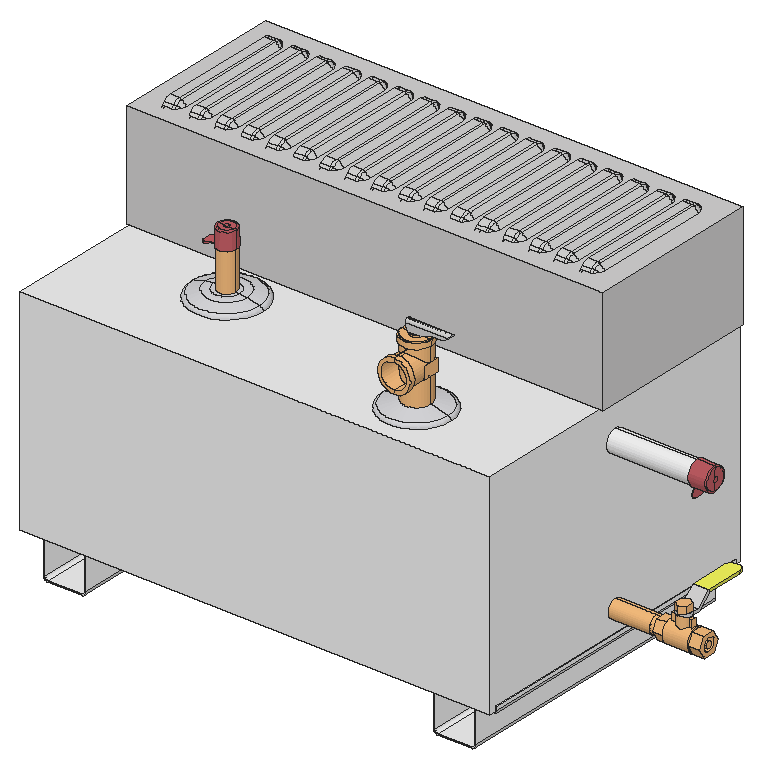
Revit family "Shower-Steam_Generator-KOHLER-Invigoration_Series-K-32329", category Plumbing Fixtures, host Face, Revit 2021
Family settings
  Host = Face
  Round Connector Dimension = Use Diameter
  Part Type = Normal
  OmniClass Number = 23.21.29.19.19
  OmniClass Title = Steam Room Equipment
  Cut with Voids When Loaded = No
  Shared = No
  Room Calculation Point = No
Parameters (values of type "NA-Stainless")
  Width = 21.85685"  # constant formula
  WaterSense Certified = 1 = 0  # no
  Waste Water Outlet = "Waste Water Outlet"  # constant formula
  Waste Connection = 1 = 1  # yes
  Voltage = 0 V
  Vent Connection = 1 = 1  # yes
  URL = "https://www.us.kohler.com/us/"
  Type = 1
  Steam Outlet = "Steam Outlet"  # constant formula
  Steam Connection = 1 = 1  # yes
  Product Page URL = "http://www.us.kohler.com/us/catalog/productDetails.jsp?productNumber=32329"
  Product Name = "Invigoration Series"  # constant formula
  Product Documentation Link = "https://www.us.kohler.com/webassets/kpna/catalog/pdf/en/K-32327_spec_US-CA_Kohler_en.pdf"
  Pressure Relief = "Pressure Relief"  # constant formula
  Pressure = 0.00 psi
  Model = "K-32329-NA"  # constant formula
  Material = "Premium Metal Construction"  # constant formula
  Master Format 2014 Name = "Residential Faucets, Supplies, and Trim"  # constant formula
  Master Format 2014 = "22 41 39"  # constant formula
  Manufacturer Address = "444 Highland Dr, Kohler, WI 53044"  # constant formula
  Manufacturer = "Kohler Co."  # constant formula
  Length = 11.73622"  # constant formula
  Hot Water Inlet = "Hot Water Inlet"  # constant formula
  Height = 13.73508"  # constant formula
  Handle Clearance 2 = 1.34409"  # constant formula
  Handle Clearance 1 = 2.54787"  # constant formula
  HW Connection = 1 = 1  # yes
  Flow Rate = 0 GPM
  Finish = Kohler-Metal-NA-Anodized_Aluminum
  Environmental Product Declaration = ""
  Electrical Note = "One Dedicated Circuit Required"  # constant formula
  Electrical Connector = 1 = 1  # yes
  Drain Included = 1 = 1  # yes
  Description = "15 KW Steam Generator"  # constant formula
  Default Elevation = 0"
  Declare Label = ""
  Date Modified = "04/30/2024"  # constant formula
  Date Created = "04/30/2024"  # constant formula
  Copyright = "Copyright Kohler Co."  # constant formula
  Contact Us = "https://www.us.kohler.com/us/static/contact.jsp"
  Cold Water Inlet = "Cold Water Inlet"  # constant formula
  CW Connection = 1 = 1  # yes
  Assembly Code = "D2010"
  Apparent Load = 15000 VA  # constant formula
  ADA Compliant = 1 = 0  # no
Reference planes (in)
  plane 1 "Center (Front/Back)": y = 0
  plane 2: z = 0
  plane 3 "Center (Left/Right)": x = 0
  plane 4: y = 5.86811
  plane 5: x = -9.04331
  plane 6: x = -9.22301
  plane 7: x = 12.63384
  plane 8: y = -3.99879
  plane 9: y = -2.30118
  plane 10: z = 13.73508
  plane 11: z = 1.53543
  plane 12: z = 2.55906
  plane 13: z = 8.22441
  plane 14: z = 11.10236
  plane 15: x = 4.59843
  plane 16: y = -0.70669
  plane 17: y = -5.86811
  plane 18: x = -4.07087
  plane 19: x = 8.9685
  plane 20: x = -8.9685
  plane 21: z = 9.56693
  plane 22: z = 11.98538
  plane 23: x = 8.86614
  plane 24: z = 13.53937
  plane 25: y = 5.62992
  plane 26: y = -5.63976
  plane 27: y = 2.53801
  plane 28: x = 5.94252
  plane 29: y = -0.00986
  plane 30: x = -3.91208
  plane 31: y = -5.06881
  plane 32: x = 12.39272
  plane 33: z = 6.91806
  plane 34: y = 1.4764
Dimensions and locks (in)
  plane 4 to plane 1 "Center (Front/Back)" = 5.86811"
  "Length": plane 4 to plane 17
  plane 9 to plane 17 = 3.56693"
  nested 1 to plane 18 = 4.89764"
  plane 15 to plane 19 = 4.37008"
  plane 8 to plane 17 = 1.86932"
  plane 20 to plane 19 = 17.93701"
  nested 1 to nested 1 = 2.41845"
  nested 1 to plane 7 = 3.7677"
  plane 13 to host face = 8.22441"
  plane 11 to host face = 1.53543"
  nested 1 to host face = 13.53937"
  plane 21 to plane 14 = 1.53543"
  plane 4 to plane 16 = 6.5748"
  host face to plane 24 = 13.53937"
  host face to plane 12 = 2.55906"
  plane 21 to host face = 9.56693"
  "Handle Clearance 1": plane 27 to plane 29
  "Handle Clearance 2": plane 15 to plane 28
  "Width": plane 6 to plane 7
  "Height": plane 10 to level
  aligned and locked: plane 2 to host face
  aligned and locked: level to host face
Automatic sketch dimensions
  host sketch curve to host sketch curve = 96"  (x2)
Nested families (in)
  nested 1: "K-32329" at (0, 0, 0), type "K-32329"
Connectors (in)
  piping at (12.63386, 0, 8.22441), diameter 0.5, driven by "Steam Connection", driven by "Steam Outlet"
    settings: on nested 1, index 1, connector inside diameter 24", connector length 0", flow factor 0, pipe flow 0 GPM, pressure drop 0.00 psi, fitting loss kfactor 0, connector angle 0.00°, fixture units 0, engagement length 0", angle of deflection 0.00°, flow configuration 0, flow direction 2, fitting loss method 0, system type 22, joint type 0, gender type 0, connector reference index -1, connector utility 1, adjustable connector no, is connector primary yes, connector description "Steam Outlet"
  piping at (-3.91208, -2.30118, 11.98538), diameter 0.375, driven by "CW Connection", driven by "Cold Water Inlet"
    settings: on nested 1, index 2, connector inside diameter 24", connector length 0", flow factor 0, pipe flow 0 GPM, pressure drop 0.00 psi, fitting loss kfactor 0, connector angle 0.00°, fixture units 0, engagement length 0", angle of deflection 0.00°, flow configuration 0, flow direction 1, fitting loss method 0, system type 22, joint type 0, gender type 0, connector reference index -1, connector utility 1, adjustable connector no, is connector primary no, connector description "Cold Water Inlet"
  piping at (4.59843, -5.06871, 11.10236), diameter 0.375, driven by "Vent Connection", driven by "Pressure Relief"
    settings: on nested 1, index 3, connector inside diameter 24", connector length 0", flow factor 0, pipe flow 0 GPM, pressure drop 0.00 psi, fitting loss kfactor 0, connector angle 0.00°, fixture units 0, engagement length 0", angle of deflection 0.00°, flow configuration 0, flow direction 2, fitting loss method 0, system type 17, joint type 0, gender type 0, connector reference index -1, connector utility 1, adjustable connector no, is connector primary no, connector description "Pressure Relief"
  electrical at (-8.84787, 1.4764, 6.91806), driven by "Apparent Load", driven by "Electrical Connector", driven by "Electrical Note"
    settings: on nested 1, index 5, voltage 0 V, apparent load 15000 VA, apparent load phase1 0 VA, apparent load phase2 0 VA, apparent load phase3 0 VA, power factor 1, load classification "Power", number of poles 1, system type 30, power factor state 1, is connector primary yes, connector utility yes, sub classification motor no, connector description "One Dedicated Circuit Required"
  piping at (12.39272, -0.00984, 2.55906), diameter 0.375, driven by "Waste Connection", driven by "Waste Water Outlet"
    settings: on nested 1, index 6, connector inside diameter 24", connector length 0", flow factor 0, pipe flow 0 GPM, pressure drop 0.00 psi, fitting loss kfactor 0, connector angle 0.00°, fixture units 0, engagement length 0", angle of deflection 0.00°, flow configuration 0, flow direction 2, fitting loss method 0, system type 16, joint type 0, gender type 0, connector reference index -1, connector utility 1, adjustable connector no, is connector primary no, connector description "Waste Water Outlet"
Definition of nested family "K-32329"
  Parameters
    Material = none
    Default Elevation = 0"
  Reference planes (in)
    plane 1 "Center (Front/Back)": y = 0
    plane 2: z = 0
    plane 3 "Center (Left/Right)": x = 0
    plane 4: x = 8.9685
    plane 5: x = -8.9685
    plane 6: x = 12.63386
    plane 7: x = 8.86614
    plane 8: z = 13.53937
    plane 9: z = 1.53543
    plane 10: z = 8.22441
    plane 11: x = 12.39272
    plane 12: z = 9.56693
    plane 13: z = 2.55906
    plane 14: z = 11.10236
    plane 15: y = 5.86811
    plane 16: y = -5.86811
    plane 17: y = -0.00984
    plane 18: x = -4.07087
    plane 19 "FF": x = 4.59843
    plane 20 "revv": y = -2.30118
    plane 21: y = -0.70669
    plane 22 "ff": y = -3.99879
    plane 23: z = 6.91806
    plane 24: y = 1.4764
    plane 25: y = 0.82679
    plane 26: y = 0.13782
    plane 27 "scrr": y = 5.67129
    plane 28: x = -9.04331
    plane 29: x = -9.22301
    plane 30: z = 13.73509
    plane 31: x = -3.91208
    plane 32: z = 11.98538
    plane 33: y = -5.63976
    plane 34: y = 5.62992
    plane 35: y = 2.53801
    plane 36: x = 5.9425
  Forms (in)
    Extrusion 1, solid, material <- "Material"
      sketch origin (0, 0, 0) x (1, 0, 0) y (0, 0, 1)
        loop
          line (-8.12992, 1.37672) -> (-8.12992, 0.15625)
          arc (-8.12992, 0.15625) -> (-8.0838, 0.04489) -> (-7.97244, -0.00123) r 0.15748
          line (-7.97244, -0.00123) -> (-6.70472, -0.00123)
          arc (-6.70472, -0.00123) -> (-6.59337, 0.04489) -> (-6.54724, 0.15625) r 0.15748
          line (-6.54724, 0.15625) -> (-6.54724, 1.37672)
          arc (-6.54724, 1.37672) -> (-6.51265, 1.46024) -> (-6.42913, 1.49483) r 0.11811
          line (-6.42913, 1.49483) -> (-6.0748, 1.49483) -> (-6.0748, 1.5342) -> (-6.42913, 1.5342)
          arc (-6.42913, 1.5342) -> (-6.54049, 1.48808) -> (-6.58661, 1.37672) r 0.15748
          line (-6.58661, 1.37672) -> (-6.58661, 0.15625)
          arc (-6.58661, 0.15625) -> (-6.62121, 0.07273) -> (-6.70472, 0.03814) r 0.11811
          line (-6.70472, 0.03814) -> (-7.97244, 0.03814)
          arc (-7.97244, 0.03814) -> (-8.05596, 0.07273) -> (-8.09055, 0.15625) r 0.11811
          line (-8.09055, 0.15625) -> (-8.09055, 1.37672)
          arc (-8.09055, 1.37672) -> (-8.13668, 1.48808) -> (-8.24803, 1.5342) r 0.15748
          line (-8.24803, 1.5342) -> (-8.84252, 1.5342)
          arc (-8.84252, 1.5342) -> (-8.87036, 1.54573) -> (-8.88189, 1.57357) r 0.03937
          line (-8.88189, 1.57357) -> (-8.88189, 1.73105) -> (-8.92126, 1.73105) -> (-8.92126, 1.57357)
          arc (-8.92126, 1.57357) -> (-8.8982, 1.5179) -> (-8.84252, 1.49483) r 0.07874
          line (-8.84252, 1.49483) -> (-8.24803, 1.49483)
          arc (-8.24803, 1.49483) -> (-8.16451, 1.46024) -> (-8.12992, 1.37672) r 0.11811
        loop
          line (6.58661, 0.15625) -> (6.58661, 1.37672)
          arc (6.58661, 1.37672) -> (6.54049, 1.48808) -> (6.42913, 1.5342) r 0.15748
          line (6.42913, 1.5342) -> (6.0748, 1.5342) -> (6.0748, 1.49483) -> (6.42913, 1.49483)
          arc (6.42913, 1.49483) -> (6.51265, 1.46024) -> (6.54724, 1.37672) r 0.11811
          line (6.54724, 1.37672) -> (6.54724, 0.15625)
          arc (6.54724, 0.15625) -> (6.59337, 0.04489) -> (6.70472, -0.00123) r 0.15748
          line (6.70472, -0.00123) -> (7.97244, -0.00123)
          arc (7.97244, -0.00123) -> (8.0838, 0.04489) -> (8.12992, 0.15625) r 0.15748
          line (8.12992, 0.15625) -> (8.12992, 1.37672)
          arc (8.12992, 1.37672) -> (8.16451, 1.46024) -> (8.24803, 1.49483) r 0.11811
          line (8.24803, 1.49483) -> (8.84252, 1.49483)
          arc (8.84252, 1.49483) -> (8.8982, 1.5179) -> (8.92126, 1.57357) r 0.07874
          line (8.92126, 1.57357) -> (8.92126, 1.73105) -> (8.88189, 1.73105) -> (8.88189, 1.57357)
          arc (8.88189, 1.57357) -> (8.87036, 1.54573) -> (8.84252, 1.5342) r 0.03937
          line (8.84252, 1.5342) -> (8.24803, 1.5342)
          arc (8.24803, 1.5342) -> (8.13668, 1.48808) -> (8.09055, 1.37672) r 0.15748
          line (8.09055, 1.37672) -> (8.09055, 0.15625)
          arc (8.09055, 0.15625) -> (8.05596, 0.07273) -> (7.97244, 0.03814) r 0.11811
          line (7.97244, 0.03814) -> (6.70472, 0.03814)
          arc (6.70472, 0.03814) -> (6.62121, 0.07273) -> (6.58661, 0.15625) r 0.11811
      from -5.6201 to 5.63974
    Extrusion 2, solid, material <- "Material", detail levels medium+fine
      sketch origin (0, 0, 0) x (1, 0, 0) y (0, 1, 0)
        loop
          line (-8.84787, -5.86811) -> (8.84399, -5.86811) -> (8.84399, 5.86811) -> (-8.84787, 5.86811) -> (-8.84787, -5.86811)
      from 1.5342 to 9.5657
    Extrusion 3, solid, detail levels medium+fine
      sketch origin (0, 0, 0) x (1, 0, 0) y (0, 1, 0)
        loop
          line (8.9685, -0.70667) -> (8.9685, 5.86813) -> (-8.9685, 5.86813) -> (-8.9685, -0.70667) -> (8.9685, -0.70667)
      from 9.5657 to 13.53814
    Sweep 4, solid, detail levels medium+fine
      path origin (0, 0, 0) x (0, 1, 0) y (0, 0, 1)
        loop
          line (5.18847, 13.50127) -> (5.07006, 13.61968)
          arc (5.07006, 13.61968) -> (4.94233, 13.70502) -> (4.79167, 13.73499) r 0.3937
          line (4.79167, 13.73499) -> (0.36979, 13.73499)
          arc (0.36979, 13.73499) -> (0.21913, 13.70502) -> (0.0914, 13.61968) r 0.3937
          line (0.0914, 13.61968) -> (-0.04723, 13.48104)
      profile origin (0, 2.58073, 13.73499) x (0, 0, -1) y (1, 0, 0)
        loop
          line (0, 0.04163) -> (0, -0.30315) -> (0.03459, -0.30315) -> (0.03459, 0.0068)
          arc (0.03459, 0.0068) -> (0.04477, 0.05794) -> (0.07373, 0.10129) r 0.13363
          line (0.07373, 0.10129) -> (0.21223, 0.23979) -> (0.21223, 0.30278) -> (0.03459, 0.12514)
          arc (0.03459, 0.12514) -> (0.00899, 0.08683) -> (0, 0.04163) r 0.11811
    Sweep 5, solid, detail levels medium+fine
      path origin (0.98425, 0, 0) x (0, 1, 0) y (0, 0, 1)
        loop
          line (5.18847, 13.50127) -> (5.07006, 13.61968)
          arc (5.07006, 13.61968) -> (4.94233, 13.70502) -> (4.79167, 13.73499) r 0.3937
          line (4.79167, 13.73499) -> (0.36979, 13.73499)
          arc (0.36979, 13.73499) -> (0.21913, 13.70502) -> (0.0914, 13.61968) r 0.3937
          line (0.0914, 13.61968) -> (-0.04723, 13.48104)
      profile origin (0.98425, 2.58073, 13.73499) x (0, 0, -1) y (1, 0, 0)
        loop
          line (0, 0.04163) -> (0, -0.30315) -> (0.03459, -0.30315) -> (0.03459, 0.0068)
          arc (0.03459, 0.0068) -> (0.04477, 0.05794) -> (0.07373, 0.10129) r 0.13363
          line (0.07373, 0.10129) -> (0.21223, 0.23979) -> (0.21223, 0.30278) -> (0.03459, 0.12514)
          arc (0.03459, 0.12514) -> (0.00899, 0.08683) -> (0, 0.04163) r 0.11811
    Sweep 6, solid, detail levels medium+fine
      path origin (1.9685, 0, 0) x (0, 1, 0) y (0, 0, 1)
        loop
          line (5.18847, 13.50127) -> (5.07006, 13.61968)
          arc (5.07006, 13.61968) -> (4.94233, 13.70502) -> (4.79167, 13.73499) r 0.3937
          line (4.79167, 13.73499) -> (0.36979, 13.73499)
          arc (0.36979, 13.73499) -> (0.21913, 13.70502) -> (0.0914, 13.61968) r 0.3937
          line (0.0914, 13.61968) -> (-0.04723, 13.48104)
      profile origin (1.9685, 2.58073, 13.73499) x (0, 0, -1) y (1, 0, 0)
        loop
          line (0, 0.04163) -> (0, -0.30315) -> (0.03459, -0.30315) -> (0.03459, 0.0068)
          arc (0.03459, 0.0068) -> (0.04477, 0.05794) -> (0.07373, 0.10129) r 0.13363
          line (0.07373, 0.10129) -> (0.21223, 0.23979) -> (0.21223, 0.30278) -> (0.03459, 0.12514)
          arc (0.03459, 0.12514) -> (0.00899, 0.08683) -> (0, 0.04163) r 0.11811
    Sweep 7, solid, detail levels medium+fine
      path origin (2.95276, 0, 0) x (0, 1, 0) y (0, 0, 1)
        loop
          line (5.18847, 13.50127) -> (5.07006, 13.61968)
          arc (5.07006, 13.61968) -> (4.94233, 13.70502) -> (4.79167, 13.73499) r 0.3937
          line (4.79167, 13.73499) -> (0.36979, 13.73499)
          arc (0.36979, 13.73499) -> (0.21913, 13.70502) -> (0.0914, 13.61968) r 0.3937
          line (0.0914, 13.61968) -> (-0.04723, 13.48104)
      profile origin (2.95276, 2.58073, 13.73499) x (0, 0, -1) y (1, 0, 0)
        loop
          line (0, 0.04163) -> (0, -0.30315) -> (0.03459, -0.30315) -> (0.03459, 0.0068)
          arc (0.03459, 0.0068) -> (0.04477, 0.05794) -> (0.07373, 0.10129) r 0.13363
          line (0.07373, 0.10129) -> (0.21223, 0.23979) -> (0.21223, 0.30278) -> (0.03459, 0.12514)
          arc (0.03459, 0.12514) -> (0.00899, 0.08683) -> (0, 0.04163) r 0.11811
    Sweep 8, solid, detail levels medium+fine
      path origin (3.93701, 0, 0) x (0, 1, 0) y (0, 0, 1)
        loop
          line (5.18847, 13.50127) -> (5.07006, 13.61968)
          arc (5.07006, 13.61968) -> (4.94233, 13.70502) -> (4.79167, 13.73499) r 0.3937
          line (4.79167, 13.73499) -> (0.36979, 13.73499)
          arc (0.36979, 13.73499) -> (0.21913, 13.70502) -> (0.0914, 13.61968) r 0.3937
          line (0.0914, 13.61968) -> (-0.04723, 13.48104)
      profile origin (3.93701, 2.58073, 13.73499) x (0, 0, -1) y (1, 0, 0)
        loop
          line (0, 0.04163) -> (0, -0.30315) -> (0.03459, -0.30315) -> (0.03459, 0.0068)
          arc (0.03459, 0.0068) -> (0.04477, 0.05794) -> (0.07373, 0.10129) r 0.13363
          line (0.07373, 0.10129) -> (0.21223, 0.23979) -> (0.21223, 0.30278) -> (0.03459, 0.12514)
          arc (0.03459, 0.12514) -> (0.00899, 0.08683) -> (0, 0.04163) r 0.11811
    Sweep 9, solid, detail levels medium+fine
      path origin (4.92126, 0, 0) x (0, 1, 0) y (0, 0, 1)
        loop
          line (5.18847, 13.50127) -> (5.07006, 13.61968)
          arc (5.07006, 13.61968) -> (4.94233, 13.70502) -> (4.79167, 13.73499) r 0.3937
          line (4.79167, 13.73499) -> (0.36979, 13.73499)
          arc (0.36979, 13.73499) -> (0.21913, 13.70502) -> (0.0914, 13.61968) r 0.3937
          line (0.0914, 13.61968) -> (-0.04723, 13.48104)
      profile origin (4.92126, 2.58073, 13.73499) x (0, 0, -1) y (1, 0, 0)
        loop
          line (0, 0.04163) -> (0, -0.30315) -> (0.03459, -0.30315) -> (0.03459, 0.0068)
          arc (0.03459, 0.0068) -> (0.04477, 0.05794) -> (0.07373, 0.10129) r 0.13363
          line (0.07373, 0.10129) -> (0.21223, 0.23979) -> (0.21223, 0.30278) -> (0.03459, 0.12514)
          arc (0.03459, 0.12514) -> (0.00899, 0.08683) -> (0, 0.04163) r 0.11811
    Sweep 10, solid, detail levels medium+fine
      path origin (5.90551, 0, 0) x (0, 1, 0) y (0, 0, 1)
        loop
          line (5.18847, 13.50127) -> (5.07006, 13.61968)
          arc (5.07006, 13.61968) -> (4.94233, 13.70502) -> (4.79167, 13.73499) r 0.3937
          line (4.79167, 13.73499) -> (0.36979, 13.73499)
          arc (0.36979, 13.73499) -> (0.21913, 13.70502) -> (0.0914, 13.61968) r 0.3937
          line (0.0914, 13.61968) -> (-0.04723, 13.48104)
      profile origin (5.90551, 2.58073, 13.73499) x (0, 0, -1) y (1, 0, 0)
        loop
          line (0, 0.04163) -> (0, -0.30315) -> (0.03459, -0.30315) -> (0.03459, 0.0068)
          arc (0.03459, 0.0068) -> (0.04477, 0.05794) -> (0.07373, 0.10129) r 0.13363
          line (0.07373, 0.10129) -> (0.21223, 0.23979) -> (0.21223, 0.30278) -> (0.03459, 0.12514)
          arc (0.03459, 0.12514) -> (0.00899, 0.08683) -> (0, 0.04163) r 0.11811
    Sweep 11, solid, detail levels medium+fine
      path origin (6.88976, 0, 0) x (0, 1, 0) y (0, 0, 1)
        loop
          line (5.18847, 13.50127) -> (5.07006, 13.61968)
          arc (5.07006, 13.61968) -> (4.94233, 13.70502) -> (4.79167, 13.73499) r 0.3937
          line (4.79167, 13.73499) -> (0.36979, 13.73499)
          arc (0.36979, 13.73499) -> (0.21913, 13.70502) -> (0.0914, 13.61968) r 0.3937
          line (0.0914, 13.61968) -> (-0.04723, 13.48104)
      profile origin (6.88976, 2.58073, 13.73499) x (0, 0, -1) y (1, 0, 0)
        loop
          line (0, 0.04163) -> (0, -0.30315) -> (0.03459, -0.30315) -> (0.03459, 0.0068)
          arc (0.03459, 0.0068) -> (0.04477, 0.05794) -> (0.07373, 0.10129) r 0.13363
          line (0.07373, 0.10129) -> (0.21223, 0.23979) -> (0.21223, 0.30278) -> (0.03459, 0.12514)
          arc (0.03459, 0.12514) -> (0.00899, 0.08683) -> (0, 0.04163) r 0.11811
    Sweep 12, solid, detail levels medium+fine
      path origin (7.87402, 0, 0) x (0, 1, 0) y (0, 0, 1)
        loop
          line (5.18847, 13.50127) -> (5.07006, 13.61968)
          arc (5.07006, 13.61968) -> (4.94233, 13.70502) -> (4.79167, 13.73499) r 0.3937
          line (4.79167, 13.73499) -> (0.36979, 13.73499)
          arc (0.36979, 13.73499) -> (0.21913, 13.70502) -> (0.0914, 13.61968) r 0.3937
          line (0.0914, 13.61968) -> (-0.04723, 13.48104)
      profile origin (7.87402, 2.58073, 13.73499) x (0, 0, -1) y (1, 0, 0)
        loop
          line (0, 0.04163) -> (0, -0.30315) -> (0.03459, -0.30315) -> (0.03459, 0.0068)
          arc (0.03459, 0.0068) -> (0.04477, 0.05794) -> (0.07373, 0.10129) r 0.13363
          line (0.07373, 0.10129) -> (0.21223, 0.23979) -> (0.21223, 0.30278) -> (0.03459, 0.12514)
          arc (0.03459, 0.12514) -> (0.00899, 0.08683) -> (0, 0.04163) r 0.11811
    Sweep 13, solid, detail levels medium+fine
      path origin (-0.98425, 0, 0) x (0, 1, 0) y (0, 0, 1)
        loop
          line (5.18847, 13.50127) -> (5.07006, 13.61968)
          arc (5.07006, 13.61968) -> (4.94233, 13.70502) -> (4.79167, 13.73499) r 0.3937
          line (4.79167, 13.73499) -> (0.36979, 13.73499)
          arc (0.36979, 13.73499) -> (0.21913, 13.70502) -> (0.0914, 13.61968) r 0.3937
          line (0.0914, 13.61968) -> (-0.04723, 13.48104)
      profile origin (-0.98425, 2.58073, 13.73499) x (0, 0, -1) y (1, 0, 0)
        loop
          line (0, 0.04163) -> (0, -0.30315) -> (0.03459, -0.30315) -> (0.03459, 0.0068)
          arc (0.03459, 0.0068) -> (0.04477, 0.05794) -> (0.07373, 0.10129) r 0.13363
          line (0.07373, 0.10129) -> (0.21223, 0.23979) -> (0.21223, 0.30278) -> (0.03459, 0.12514)
          arc (0.03459, 0.12514) -> (0.00899, 0.08683) -> (0, 0.04163) r 0.11811
    Sweep 14, solid, detail levels medium+fine
      path origin (-1.9685, 0, 0) x (0, 1, 0) y (0, 0, 1)
        loop
          line (5.18847, 13.50127) -> (5.07006, 13.61968)
          arc (5.07006, 13.61968) -> (4.94233, 13.70502) -> (4.79167, 13.73499) r 0.3937
          line (4.79167, 13.73499) -> (0.36979, 13.73499)
          arc (0.36979, 13.73499) -> (0.21913, 13.70502) -> (0.0914, 13.61968) r 0.3937
          line (0.0914, 13.61968) -> (-0.04723, 13.48104)
      profile origin (-1.9685, 2.58073, 13.73499) x (0, 0, -1) y (1, 0, 0)
        loop
          line (0, 0.04163) -> (0, -0.30315) -> (0.03459, -0.30315) -> (0.03459, 0.0068)
          arc (0.03459, 0.0068) -> (0.04477, 0.05794) -> (0.07373, 0.10129) r 0.13363
          line (0.07373, 0.10129) -> (0.21223, 0.23979) -> (0.21223, 0.30278) -> (0.03459, 0.12514)
          arc (0.03459, 0.12514) -> (0.00899, 0.08683) -> (0, 0.04163) r 0.11811
    Sweep 15, solid, detail levels medium+fine
      path origin (-2.95276, 0, 0) x (0, 1, 0) y (0, 0, 1)
        loop
          line (5.18847, 13.50127) -> (5.07006, 13.61968)
          arc (5.07006, 13.61968) -> (4.94233, 13.70502) -> (4.79167, 13.73499) r 0.3937
          line (4.79167, 13.73499) -> (0.36979, 13.73499)
          arc (0.36979, 13.73499) -> (0.21913, 13.70502) -> (0.0914, 13.61968) r 0.3937
          line (0.0914, 13.61968) -> (-0.04723, 13.48104)
      profile origin (-2.95276, 2.58073, 13.73499) x (0, 0, -1) y (1, 0, 0)
        loop
          line (0, 0.04163) -> (0, -0.30315) -> (0.03459, -0.30315) -> (0.03459, 0.0068)
          arc (0.03459, 0.0068) -> (0.04477, 0.05794) -> (0.07373, 0.10129) r 0.13363
          line (0.07373, 0.10129) -> (0.21223, 0.23979) -> (0.21223, 0.30278) -> (0.03459, 0.12514)
          arc (0.03459, 0.12514) -> (0.00899, 0.08683) -> (0, 0.04163) r 0.11811
    Sweep 16, solid, detail levels medium+fine
      path origin (-3.93701, 0, 0) x (0, 1, 0) y (0, 0, 1)
        loop
          line (5.18847, 13.50127) -> (5.07006, 13.61968)
          arc (5.07006, 13.61968) -> (4.94233, 13.70502) -> (4.79167, 13.73499) r 0.3937
          line (4.79167, 13.73499) -> (0.36979, 13.73499)
          arc (0.36979, 13.73499) -> (0.21913, 13.70502) -> (0.0914, 13.61968) r 0.3937
          line (0.0914, 13.61968) -> (-0.04723, 13.48104)
      profile origin (-3.93701, 2.58073, 13.73499) x (0, 0, -1) y (1, 0, 0)
        loop
          line (0, 0.04163) -> (0, -0.30315) -> (0.03459, -0.30315) -> (0.03459, 0.0068)
          arc (0.03459, 0.0068) -> (0.04477, 0.05794) -> (0.07373, 0.10129) r 0.13363
          line (0.07373, 0.10129) -> (0.21223, 0.23979) -> (0.21223, 0.30278) -> (0.03459, 0.12514)
          arc (0.03459, 0.12514) -> (0.00899, 0.08683) -> (0, 0.04163) r 0.11811
    Sweep 17, solid, detail levels medium+fine
      path origin (-4.92126, 0, 0) x (0, 1, 0) y (0, 0, 1)
        loop
          line (5.18847, 13.50127) -> (5.07006, 13.61968)
          arc (5.07006, 13.61968) -> (4.94233, 13.70502) -> (4.79167, 13.73499) r 0.3937
          line (4.79167, 13.73499) -> (0.36979, 13.73499)
          arc (0.36979, 13.73499) -> (0.21913, 13.70502) -> (0.0914, 13.61968) r 0.3937
          line (0.0914, 13.61968) -> (-0.04723, 13.48104)
      profile origin (-4.92126, 2.58073, 13.73499) x (0, 0, -1) y (1, 0, 0)
        loop
          line (0, 0.04163) -> (0, -0.30315) -> (0.03459, -0.30315) -> (0.03459, 0.0068)
          arc (0.03459, 0.0068) -> (0.04477, 0.05794) -> (0.07373, 0.10129) r 0.13363
          line (0.07373, 0.10129) -> (0.21223, 0.23979) -> (0.21223, 0.30278) -> (0.03459, 0.12514)
          arc (0.03459, 0.12514) -> (0.00899, 0.08683) -> (0, 0.04163) r 0.11811
    Sweep 18, solid, detail levels medium+fine
      path origin (-5.90551, 0, 0) x (0, 1, 0) y (0, 0, 1)
        loop
          line (5.18847, 13.50127) -> (5.07006, 13.61968)
          arc (5.07006, 13.61968) -> (4.94233, 13.70502) -> (4.79167, 13.73499) r 0.3937
          line (4.79167, 13.73499) -> (0.36979, 13.73499)
          arc (0.36979, 13.73499) -> (0.21913, 13.70502) -> (0.0914, 13.61968) r 0.3937
          line (0.0914, 13.61968) -> (-0.04723, 13.48104)
      profile origin (-5.90551, 2.58073, 13.73499) x (0, 0, -1) y (1, 0, 0)
        loop
          line (0, 0.04163) -> (0, -0.30315) -> (0.03459, -0.30315) -> (0.03459, 0.0068)
          arc (0.03459, 0.0068) -> (0.04477, 0.05794) -> (0.07373, 0.10129) r 0.13363
          line (0.07373, 0.10129) -> (0.21223, 0.23979) -> (0.21223, 0.30278) -> (0.03459, 0.12514)
          arc (0.03459, 0.12514) -> (0.00899, 0.08683) -> (0, 0.04163) r 0.11811
    Sweep 19, solid, detail levels medium+fine
      path origin (-6.88976, 0, 0) x (0, 1, 0) y (0, 0, 1)
        loop
          line (5.18847, 13.50127) -> (5.07006, 13.61968)
          arc (5.07006, 13.61968) -> (4.94233, 13.70502) -> (4.79167, 13.73499) r 0.3937
          line (4.79167, 13.73499) -> (0.36979, 13.73499)
          arc (0.36979, 13.73499) -> (0.21913, 13.70502) -> (0.0914, 13.61968) r 0.3937
          line (0.0914, 13.61968) -> (-0.04723, 13.48104)
      profile origin (-6.88976, 2.58073, 13.73499) x (0, 0, -1) y (1, 0, 0)
        loop
          line (0, 0.04163) -> (0, -0.30315) -> (0.03459, -0.30315) -> (0.03459, 0.0068)
          arc (0.03459, 0.0068) -> (0.04477, 0.05794) -> (0.07373, 0.10129) r 0.13363
          line (0.07373, 0.10129) -> (0.21223, 0.23979) -> (0.21223, 0.30278) -> (0.03459, 0.12514)
          arc (0.03459, 0.12514) -> (0.00899, 0.08683) -> (0, 0.04163) r 0.11811
    Sweep 20, solid, detail levels medium+fine
      path origin (-7.87402, 0, 0) x (0, 1, 0) y (0, 0, 1)
        loop
          line (5.18847, 13.50127) -> (5.07006, 13.61968)
          arc (5.07006, 13.61968) -> (4.94233, 13.70502) -> (4.79167, 13.73499) r 0.3937
          line (4.79167, 13.73499) -> (0.36979, 13.73499)
          arc (0.36979, 13.73499) -> (0.21913, 13.70502) -> (0.0914, 13.61968) r 0.3937
          line (0.0914, 13.61968) -> (-0.04723, 13.48104)
      profile origin (-7.87402, 2.58073, 13.73499) x (0, 0, -1) y (1, 0, 0)
        loop
          line (0, 0.04163) -> (0, -0.30315) -> (0.03459, -0.30315) -> (0.03459, 0.0068)
          arc (0.03459, 0.0068) -> (0.04477, 0.05794) -> (0.07373, 0.10129) r 0.13363
          line (0.07373, 0.10129) -> (0.21223, 0.23979) -> (0.21223, 0.30278) -> (0.03459, 0.12514)
          arc (0.03459, 0.12514) -> (0.00899, 0.08683) -> (0, 0.04163) r 0.11811
    Sweep 21, solid, material <- "Material", detail levels medium+fine
      path origin (0, 0, 0) x (1, 0, 0) y (0, 1, 0)
        loop
          line (-8.84799, 5.23306) -> (-8.94543, 5.13562)
          arc (-8.94543, 5.13562) -> (-9.01797, 5.02705) -> (-9.04344, 4.89899) r 0.33465
          line (-9.04344, 4.89899) -> (-9.04344, 3.17511)
          arc (-9.04344, 3.17511) -> (-9.01797, 3.04705) -> (-8.94543, 2.93848) r 0.33465
          line (-8.94543, 2.93848) -> (-8.84799, 2.84105)
      profile origin (-9.04344, 4.03705, 0) x (1, 0, 0) y (0, 0, 1)
        loop
          line (0.23864, 8.11393) -> (0.07253, 7.94782)
          arc (0.07253, 7.94782) -> (0.01885, 7.86748) -> (0, 7.77272) r 0.24764
          line (0, 7.77272) -> (0, 7.46624) -> (0.03182, 7.46624) -> (0.03182, 7.78171)
          arc (0.03182, 7.78171) -> (0.04457, 7.84578) -> (0.08086, 7.9001) r 0.16743
          line (0.08086, 7.9001) -> (0.23864, 8.05788) -> (0.23864, 8.11393)
    Sweep 22, solid, material <- "Material", detail levels medium+fine
      path origin (0, 0, -1.04577) x (1, 0, 0) y (0, 1, 0)
        loop
          line (-8.84799, 5.23306) -> (-8.94543, 5.13562)
          arc (-8.94543, 5.13562) -> (-9.01797, 5.02705) -> (-9.04344, 4.89899) r 0.33465
          line (-9.04344, 4.89899) -> (-9.04344, 3.17511)
          arc (-9.04344, 3.17511) -> (-9.01797, 3.04705) -> (-8.94543, 2.93848) r 0.33465
          line (-8.94543, 2.93848) -> (-8.84799, 2.84105)
      profile origin (-9.04344, 4.03705, -1.04577) x (1, 0, 0) y (0, 0, 1)
        loop
          line (0.23864, 8.11393) -> (0.07253, 7.94782)
          arc (0.07253, 7.94782) -> (0.01885, 7.86748) -> (0, 7.77272) r 0.24764
          line (0, 7.77272) -> (0, 7.46624) -> (0.03182, 7.46624) -> (0.03182, 7.78171)
          arc (0.03182, 7.78171) -> (0.04457, 7.84578) -> (0.08086, 7.9001) r 0.16743
          line (0.08086, 7.9001) -> (0.23864, 8.05788) -> (0.23864, 8.11393)
    Sweep 23, solid, material <- "Material", detail levels medium+fine
      path origin (0, 0, -2.08538) x (1, 0, 0) y (0, 1, 0)
        loop
          line (-8.84799, 5.23306) -> (-8.94543, 5.13562)
          arc (-8.94543, 5.13562) -> (-9.01797, 5.02705) -> (-9.04344, 4.89899) r 0.33465
          line (-9.04344, 4.89899) -> (-9.04344, 3.17511)
          arc (-9.04344, 3.17511) -> (-9.01797, 3.04705) -> (-8.94543, 2.93848) r 0.33465
          line (-8.94543, 2.93848) -> (-8.84799, 2.84105)
      profile origin (-9.04344, 4.03705, -2.08538) x (1, 0, 0) y (0, 0, 1)
        loop
          line (0.23864, 8.11393) -> (0.07253, 7.94782)
          arc (0.07253, 7.94782) -> (0.01885, 7.86748) -> (0, 7.77272) r 0.24764
          line (0, 7.77272) -> (0, 7.46624) -> (0.03182, 7.46624) -> (0.03182, 7.78171)
          arc (0.03182, 7.78171) -> (0.04457, 7.84578) -> (0.08086, 7.9001) r 0.16743
          line (0.08086, 7.9001) -> (0.23864, 8.05788) -> (0.23864, 8.11393)
    Sweep 24, solid, material <- "Material", detail levels medium+fine
      path origin (0, 0, -3.125) x (1, 0, 0) y (0, 1, 0)
        loop
          line (-8.84799, 5.23306) -> (-8.94543, 5.13562)
          arc (-8.94543, 5.13562) -> (-9.01797, 5.02705) -> (-9.04344, 4.89899) r 0.33465
          line (-9.04344, 4.89899) -> (-9.04344, 3.17511)
          arc (-9.04344, 3.17511) -> (-9.01797, 3.04705) -> (-8.94543, 2.93848) r 0.33465
          line (-8.94543, 2.93848) -> (-8.84799, 2.84105)
      profile origin (-9.04344, 4.03705, -3.125) x (1, 0, 0) y (0, 0, 1)
        loop
          line (0.23864, 8.11393) -> (0.07253, 7.94782)
          arc (0.07253, 7.94782) -> (0.01885, 7.86748) -> (0, 7.77272) r 0.24764
          line (0, 7.77272) -> (0, 7.46624) -> (0.03182, 7.46624) -> (0.03182, 7.78171)
          arc (0.03182, 7.78171) -> (0.04457, 7.84578) -> (0.08086, 7.9001) r 0.16743
          line (0.08086, 7.9001) -> (0.23864, 8.05788) -> (0.23864, 8.11393)
    Sweep 25, solid, material <- "Material", detail levels medium+fine
      path origin (0, 0, -4.18307) x (1, 0, 0) y (0, 1, 0)
        loop
          line (-8.84799, 5.23306) -> (-8.94543, 5.13562)
          arc (-8.94543, 5.13562) -> (-9.01797, 5.02705) -> (-9.04344, 4.89899) r 0.33465
          line (-9.04344, 4.89899) -> (-9.04344, 3.17511)
          arc (-9.04344, 3.17511) -> (-9.01797, 3.04705) -> (-8.94543, 2.93848) r 0.33465
          line (-8.94543, 2.93848) -> (-8.84799, 2.84105)
      profile origin (-9.04344, 4.03705, -4.18307) x (1, 0, 0) y (0, 0, 1)
        loop
          line (0.23864, 8.11393) -> (0.07253, 7.94782)
          arc (0.07253, 7.94782) -> (0.01885, 7.86748) -> (0, 7.77272) r 0.24764
          line (0, 7.77272) -> (0, 7.46624) -> (0.03182, 7.46624) -> (0.03182, 7.78171)
          arc (0.03182, 7.78171) -> (0.04457, 7.84578) -> (0.08086, 7.9001) r 0.16743
          line (0.08086, 7.9001) -> (0.23864, 8.05788) -> (0.23864, 8.11393)
    Sweep 26, solid, material <- "Material", detail levels medium+fine
      path origin (0, 0, -5.21654) x (1, 0, 0) y (0, 1, 0)
        loop
          line (-8.84799, 5.23306) -> (-8.94543, 5.13562)
          arc (-8.94543, 5.13562) -> (-9.01797, 5.02705) -> (-9.04344, 4.89899) r 0.33465
          line (-9.04344, 4.89899) -> (-9.04344, 3.17511)
          arc (-9.04344, 3.17511) -> (-9.01797, 3.04705) -> (-8.94543, 2.93848) r 0.33465
          line (-8.94543, 2.93848) -> (-8.84799, 2.84105)
      profile origin (-9.04344, 4.03705, -5.21654) x (1, 0, 0) y (0, 0, 1)
        loop
          line (0.23864, 8.11393) -> (0.07253, 7.94782)
          arc (0.07253, 7.94782) -> (0.01885, 7.86748) -> (0, 7.77272) r 0.24764
          line (0, 7.77272) -> (0, 7.46624) -> (0.03182, 7.46624) -> (0.03182, 7.78171)
          arc (0.03182, 7.78171) -> (0.04457, 7.84578) -> (0.08086, 7.9001) r 0.16743
          line (0.08086, 7.9001) -> (0.23864, 8.05788) -> (0.23864, 8.11393)
    Sweep 27, solid, material <- "Material", detail levels medium+fine
      path origin (0, -8.09547, 0) x (1, 0, 0) y (0, 1, 0)
        loop
          line (-8.84799, 5.23306) -> (-8.94543, 5.13562)
          arc (-8.94543, 5.13562) -> (-9.01797, 5.02705) -> (-9.04344, 4.89899) r 0.33465
          line (-9.04344, 4.89899) -> (-9.04344, 3.17511)
          arc (-9.04344, 3.17511) -> (-9.01797, 3.04705) -> (-8.94543, 2.93848) r 0.33465
          line (-8.94543, 2.93848) -> (-8.84799, 2.84105)
      profile origin (-9.04344, -4.05842, 0) x (1, 0, 0) y (0, 0, 1)
        loop
          line (0.23864, 8.11393) -> (0.07253, 7.94782)
          arc (0.07253, 7.94782) -> (0.01885, 7.86748) -> (0, 7.77272) r 0.24764
          line (0, 7.77272) -> (0, 7.46624) -> (0.03182, 7.46624) -> (0.03182, 7.78171)
          arc (0.03182, 7.78171) -> (0.04457, 7.84578) -> (0.08086, 7.9001) r 0.16743
          line (0.08086, 7.9001) -> (0.23864, 8.05788) -> (0.23864, 8.11393)
    Sweep 28, solid, material <- "Material", detail levels medium+fine
      path origin (0, -8.09547, -1.04577) x (1, 0, 0) y (0, 1, 0)
        loop
          line (-8.84799, 5.23306) -> (-8.94543, 5.13562)
          arc (-8.94543, 5.13562) -> (-9.01797, 5.02705) -> (-9.04344, 4.89899) r 0.33465
          line (-9.04344, 4.89899) -> (-9.04344, 3.17511)
          arc (-9.04344, 3.17511) -> (-9.01797, 3.04705) -> (-8.94543, 2.93848) r 0.33465
          line (-8.94543, 2.93848) -> (-8.84799, 2.84105)
      profile origin (-9.04344, -4.05842, -1.04577) x (1, 0, 0) y (0, 0, 1)
        loop
          line (0.23864, 8.11393) -> (0.07253, 7.94782)
          arc (0.07253, 7.94782) -> (0.01885, 7.86748) -> (0, 7.77272) r 0.24764
          line (0, 7.77272) -> (0, 7.46624) -> (0.03182, 7.46624) -> (0.03182, 7.78171)
          arc (0.03182, 7.78171) -> (0.04457, 7.84578) -> (0.08086, 7.9001) r 0.16743
          line (0.08086, 7.9001) -> (0.23864, 8.05788) -> (0.23864, 8.11393)
    Sweep 29, solid, material <- "Material", detail levels medium+fine
      path origin (0, -8.09547, -2.08538) x (1, 0, 0) y (0, 1, 0)
        loop
          line (-8.84799, 5.23306) -> (-8.94543, 5.13562)
          arc (-8.94543, 5.13562) -> (-9.01797, 5.02705) -> (-9.04344, 4.89899) r 0.33465
          line (-9.04344, 4.89899) -> (-9.04344, 3.17511)
          arc (-9.04344, 3.17511) -> (-9.01797, 3.04705) -> (-8.94543, 2.93848) r 0.33465
          line (-8.94543, 2.93848) -> (-8.84799, 2.84105)
      profile origin (-9.04344, -4.05842, -2.08538) x (1, 0, 0) y (0, 0, 1)
        loop
          line (0.23864, 8.11393) -> (0.07253, 7.94782)
          arc (0.07253, 7.94782) -> (0.01885, 7.86748) -> (0, 7.77272) r 0.24764
          line (0, 7.77272) -> (0, 7.46624) -> (0.03182, 7.46624) -> (0.03182, 7.78171)
          arc (0.03182, 7.78171) -> (0.04457, 7.84578) -> (0.08086, 7.9001) r 0.16743
          line (0.08086, 7.9001) -> (0.23864, 8.05788) -> (0.23864, 8.11393)
    Sweep 30, solid, material <- "Material", detail levels medium+fine
      path origin (0, -8.09547, -3.125) x (1, 0, 0) y (0, 1, 0)
        loop
          line (-8.84799, 5.23306) -> (-8.94543, 5.13562)
          arc (-8.94543, 5.13562) -> (-9.01797, 5.02705) -> (-9.04344, 4.89899) r 0.33465
          line (-9.04344, 4.89899) -> (-9.04344, 3.17511)
          arc (-9.04344, 3.17511) -> (-9.01797, 3.04705) -> (-8.94543, 2.93848) r 0.33465
          line (-8.94543, 2.93848) -> (-8.84799, 2.84105)
      profile origin (-9.04344, -4.05842, -3.125) x (1, 0, 0) y (0, 0, 1)
        loop
          line (0.23864, 8.11393) -> (0.07253, 7.94782)
          arc (0.07253, 7.94782) -> (0.01885, 7.86748) -> (0, 7.77272) r 0.24764
          line (0, 7.77272) -> (0, 7.46624) -> (0.03182, 7.46624) -> (0.03182, 7.78171)
          arc (0.03182, 7.78171) -> (0.04457, 7.84578) -> (0.08086, 7.9001) r 0.16743
          line (0.08086, 7.9001) -> (0.23864, 8.05788) -> (0.23864, 8.11393)
    Sweep 31, solid, material <- "Material", detail levels medium+fine
      path origin (0, -8.09547, -4.18307) x (1, 0, 0) y (0, 1, 0)
        loop
          line (-8.84799, 5.23306) -> (-8.94543, 5.13562)
          arc (-8.94543, 5.13562) -> (-9.01797, 5.02705) -> (-9.04344, 4.89899) r 0.33465
          line (-9.04344, 4.89899) -> (-9.04344, 3.17511)
          arc (-9.04344, 3.17511) -> (-9.01797, 3.04705) -> (-8.94543, 2.93848) r 0.33465
          line (-8.94543, 2.93848) -> (-8.84799, 2.84105)
      profile origin (-9.04344, -4.05842, -4.18307) x (1, 0, 0) y (0, 0, 1)
        loop
          line (0.23864, 8.11393) -> (0.07253, 7.94782)
          arc (0.07253, 7.94782) -> (0.01885, 7.86748) -> (0, 7.77272) r 0.24764
          line (0, 7.77272) -> (0, 7.46624) -> (0.03182, 7.46624) -> (0.03182, 7.78171)
          arc (0.03182, 7.78171) -> (0.04457, 7.84578) -> (0.08086, 7.9001) r 0.16743
          line (0.08086, 7.9001) -> (0.23864, 8.05788) -> (0.23864, 8.11393)
    Sweep 32, solid, material <- "Material", detail levels medium+fine
      path origin (0, -8.09547, -5.21654) x (1, 0, 0) y (0, 1, 0)
        loop
          line (-8.84799, 5.23306) -> (-8.94543, 5.13562)
          arc (-8.94543, 5.13562) -> (-9.01797, 5.02705) -> (-9.04344, 4.89899) r 0.33465
          line (-9.04344, 4.89899) -> (-9.04344, 3.17511)
          arc (-9.04344, 3.17511) -> (-9.01797, 3.04705) -> (-8.94543, 2.93848) r 0.33465
          line (-8.94543, 2.93848) -> (-8.84799, 2.84105)
      profile origin (-9.04344, -4.05842, -5.21654) x (1, 0, 0) y (0, 0, 1)
        loop
          line (0.23864, 8.11393) -> (0.07253, 7.94782)
          arc (0.07253, 7.94782) -> (0.01885, 7.86748) -> (0, 7.77272) r 0.24764
          line (0, 7.77272) -> (0, 7.46624) -> (0.03182, 7.46624) -> (0.03182, 7.78171)
          arc (0.03182, 7.78171) -> (0.04457, 7.84578) -> (0.08086, 7.9001) r 0.16743
          line (0.08086, 7.9001) -> (0.23864, 8.05788) -> (0.23864, 8.11393)
    Revolve 33, solid, material <- "Material"
      sketch origin (0, -2.30118, 0) x (1, 0, 0) y (0, 0, 1)
        loop
          line (-3.90748, 11.98538) -> (-4.21058, 11.98538)
          arc (-4.21058, 11.98538) -> (-4.24339, 11.97212) -> (-4.25779, 11.93979) r 0.04724
          line (-4.25779, 11.93979) -> (-4.27945, 11.31953) -> (-4.24321, 11.31953) -> (-4.24321, 9.86167) -> (-4.4078, 9.86167)
          arc (-4.4078, 9.86167) -> (-4.55457, 9.85353) -> (-4.69953, 9.82921) r 1.32746
          arc (-4.69953, 9.82921) -> (-4.92596, 9.77266) -> (-5.14953, 9.70569) r 5.03858
          arc (-5.14953, 9.70569) -> (-5.22899, 9.65255) -> (-5.26892, 9.5657) r 0.17588
          line (-5.26892, 9.5657) -> (-3.90748, 9.5657) -> (-3.90748, 11.98538)
        axis (-3.90748, 11.98538) -> (-3.90748, 9.5657)
      angle from 0 to 360
    Extrusion 34, solid, material <- "Material"
      sketch origin (0, 0, 0) x (1, 0, 0) y (0, 1, 0)
        loop
          line (-4.66135, -2.21258) -> (-4.66135, -2.47242)
          arc (-4.66135, -2.47242) -> (-4.624, -2.5585) -> (-4.53561, -2.59002) r 0.11787
          arc (-4.53561, -2.59002) -> (-4.4522, -2.55412) -> (-4.40987, -2.47378) r 0.13628
          line (-4.40987, -2.47378) -> (-4.13454, -2.47378) -> (-4.13454, -2.2126) -> (-4.41091, -2.2126)
          arc (-4.41091, -2.2126) -> (-4.45214, -2.1314) -> (-4.53561, -2.09497) r 0.13476
          arc (-4.53561, -2.09497) -> (-4.624, -2.12649) -> (-4.66135, -2.21258) r 0.11787
      from 11.31964 to 11.34719
    Revolve 35, solid, material <- "Material"
      sketch origin (0, -3.99879, 0) x (1, 0, 0) y (0, 0, 1)
        loop
          line (4.58188, 12.11615) -> (4.34666, 12.11615) -> (4.34666, 12.0854) -> (4.05495, 12.0854) -> (4.05495, 12.04601) -> (4.01179, 12.04601) -> (4.01179, 11.84916) -> (4.05516, 11.84916) -> (4.05516, 9.86479)
          arc (4.05516, 9.86479) -> (3.72428, 9.79613) -> (3.39954, 9.70261) r 4.45933
          arc (3.39954, 9.70261) -> (3.32465, 9.65042) -> (3.29065, 9.5657) r 0.15946
          line (3.29065, 9.5657) -> (4.58188, 9.5657) -> (4.58188, 12.11615)
        axis (4.58188, 12.11615) -> (4.58188, 9.5657)
      angle from 0 to 360
    Extrusion 36, solid
      sketch origin (0, 0, 0) x (0, 1, 0) y (0, 0, 1)
        loop
          line (-3.88777, 12.1003) -> (-3.88777, 12.38162)
          arc (-3.88777, 12.38162) -> (-4.006, 12.49985) -> (-4.12423, 12.38162) r 0.11823
          line (-4.12423, 12.38162) -> (-4.12423, 12.1003) -> (-4.09348, 12.1003) -> (-4.09348, 12.38075)
          arc (-4.09348, 12.38075) -> (-4.006, 12.46823) -> (-3.91851, 12.38075) r 0.08748
          line (-3.91851, 12.38075) -> (-3.91851, 12.1003) -> (-3.88777, 12.1003)
      from 4.23979 to 6.12992
    Extrusion 37, void
      sketch origin (0, 0, 0) x (1, 0, 0) y (0, 0, 1)
        loop
          line (4.26495, 12.52309) -> (5.95997, 12.52309)
          arc (5.95997, 12.52309) -> (5.87096, 12.39218) -> (5.74006, 12.30317) r 0.42297
          arc (5.74006, 12.30317) -> (5.62374, 12.26815) -> (5.50249, 12.26091) r 0.52278
          arc (5.50249, 12.26091) -> (5.28898, 12.25334) -> (5.08048, 12.20671) r 1.15923
          arc (5.08048, 12.20671) -> (4.95658, 12.16259) -> (4.83553, 12.11115) r 2.20372
          arc (4.83553, 12.11115) -> (4.78728, 12.07004) -> (4.76751, 12.00982) r 0.11714
          line (4.76751, 12.00982) -> (6.20829, 12.00982) -> (6.20829, 12.65115) -> (4.08116, 12.65115) -> (4.08116, 12.00982) -> (4.42131, 12.00982) -> (4.42131, 12.07374)
          arc (4.42131, 12.07374) -> (4.3351, 12.13655) -> (4.29518, 12.23547) r 0.1938
          line (4.29518, 12.23547) -> (4.26495, 12.52309)
      from 3.82125 to 4.27892
    Revolve 38, solid, material <- "Material"
      sketch origin (0, 0, 0) x (1, 0, 0) y (0, 0, 1)
        loop
          line (12.63312, 7.83584) -> (12.63312, 8.22318) -> (8.84646, 8.22318) -> (8.84646, 7.81105) -> (11.96814, 7.81105) -> (11.96814, 7.77297) -> (12.59349, 7.79481)
          arc (12.59349, 7.79481) -> (12.6216, 7.80732) -> (12.63312, 7.83584) r 0.04106
        axis (8.84646, 8.22318) -> (12.63312, 8.22318)
      angle from 0 to 360
    Extrusion 39, solid, material <- "Material"
      sketch origin (0, 0, 0) x (0, 1, 0) y (0, 0, 1)
        loop
          line (-0.16099, 7.84768) -> (-0.16099, 7.72643)
          arc (-0.16099, 7.72643) -> (-0.23233, 7.66212) -> (-0.25654, 7.56917) r 0.16728
          arc (-0.25654, 7.56917) -> (-0.21129, 7.46784) -> (-0.10838, 7.42631) r 0.14826
          line (-0.10838, 7.42631) -> (0.09055, 7.42631)
          arc (0.09055, 7.42631) -> (0.19345, 7.46784) -> (0.23871, 7.56917) r 0.14826
          arc (0.23871, 7.56917) -> (0.2145, 7.66212) -> (0.14316, 7.72643) r 0.16728
          line (0.14316, 7.72643) -> (0.14316, 7.84768) -> (-0.16099, 7.84768)
      from 11.96814 to 11.99734
    Revolve 40, solid
      sketch origin (0, 0, 0) x (1, 0, 0) y (0, 0, 1)
        loop
          line (8.84646, 2.89265) -> (8.84646, 2.55879) -> (10.67161, 2.55879) -> (10.67161, 2.88259)
          arc (10.67161, 2.88259) -> (10.55442, 2.89014) -> (10.43701, 2.89265) r 2.74089
          line (10.43701, 2.89265) -> (8.84646, 2.89265)
        loop
          line (10.98899, 2.98398) -> (10.98899, 2.55879) -> (11.92708, 2.55879) -> (11.92708, 2.98398) -> (10.98899, 2.98398)
        axis (8.84646, 2.55879) -> (11.92708, 2.55879)
      angle from 0 to 360
    Extrusion 41, solid
      sketch origin (0, 0, 0) x (0, 1, 0) y (0, 0, 1)
        loop
          line (0.20614, 2.93067) -> (-0.21899, 2.92325) -> (-0.42513, 2.55136) -> (-0.20614, 2.1869) -> (0.21899, 2.19432) -> (0.42513, 2.56621) -> (0.20614, 2.93067)
      from 10.62094 to 10.98899
    Extrusion 42, solid
      sketch origin (0, 0, 0) x (0, 1, 0) y (0, 0, 1)
        loop
          line (0.20614, 2.93067) -> (-0.21899, 2.92325) -> (-0.42513, 2.55136) -> (-0.20614, 2.1869) -> (0.21899, 2.19432) -> (0.42513, 2.56621) -> (0.20614, 2.93067)
      from 11.92708 to 12.39272
    Revolve 43, solid, material <- "Material"
      sketch origin (0, 0, 0) x (1, 0, 0) y (0, 0, 1)
        loop
          line (11.45818, 3.30793) -> (11.45818, 2.88005) -> (11.70792, 2.88005) -> (11.70792, 3.30793) -> (11.45818, 3.30793)
        axis (11.45818, 3.30793) -> (11.45818, 2.88005)
      angle from 0 to 360
    Extrusion 44, solid, material <- "Material"
      sketch origin (0, 0, 0) x (0, 1, 0) y (0, 0, 1)
        loop
          line (-0.08724, 3.25783) -> (-0.08724, 2.94716) -> (0.0676, 2.94716) -> (0.0676, 3.25783) -> (-0.08724, 3.25783)
      from 11.08238 to 11.83403
    Extrusion 45, solid
      sketch origin (0, 0, 0) x (0, 1, 0) y (0, 0, 1)
        loop
          line (-0.24679, 3.40683) -> (-0.24679, 3.30793) -> (0.34377, 3.30793) -> (0.8465, 3.73452) -> (0.8098, 3.83441) -> (0.30629, 3.40683) -> (-0.24679, 3.40683)
      from 11.1581 to 11.75559
    Extrusion 46, void
      sketch origin (0, 0, 0) x (1, 0, 0) y (0, 1, 0)
        loop
          line (11.75559, 0.05648) -> (11.75559, 2.23862)
          arc (11.75559, 2.23862) -> (11.45685, 2.53736) -> (11.1581, 2.23862) r 0.29874
          line (11.1581, 2.23862) -> (11.1581, 0.05648)
          arc (11.1581, 0.05648) -> (11.45685, -0.24226) -> (11.75559, 0.05648) r 0.29874
        loop
          line (10.93895, -0.93585) -> (12.12006, -0.93585) -> (12.12006, 3.00115) -> (10.93895, 3.00115) -> (10.93895, -0.93585)
      from 3.28317 to 3.93086
    Extrusion 47, solid, material <- "Material"
      sketch origin (0, 0, 0) x (1, 0, 0) y (0, 1, 0)
        loop
          line (11.23063, 0.11893) -> (11.23063, -0.14843) -> (11.46217, -0.28211) -> (11.69371, -0.14843) -> (11.69371, 0.11893) -> (11.46217, 0.25261) -> (11.23063, 0.11893)
      from 3.40683 to 3.66003
    Extrusion 48, void
      sketch origin (0, 0, 0) x (0, 1, 0) y (0, 0, 1)
        loop
          circle (0, 2.55879) r 0.25312
      from 9.46552 to 12.87568
    Revolve 49, solid
      sketch origin (4.59843, 0, 0) x (0, 1, 0) y (0, 0, 1)
        loop
          line (-5.06871, 11.5773) -> (-3.99879, 11.5773) -> (-3.99879, 11.64742) -> (-4.87186, 11.64742) -> (-4.87186, 11.71144) -> (-5.06871, 11.71144) -> (-5.06871, 11.5773)
        axis (-3.99879, 11.10236) -> (-5.06871, 11.10236)
      angle from 0 to 360
    Extrusion 50, solid
      sketch origin (0, 0, 0) x (0, 1, 0) y (0, 0, 1)
        loop
          line (-4.3214, 11.29808) -> (-4.3214, 10.84418) -> (-3.68995, 10.84418) -> (-3.68995, 11.29808) -> (-4.3214, 11.29808)
      from 4.01432 to 5.15577
    Extrusion 51, solid
      sketch origin (0, 0, 0) x (0, 1, 0) y (0, 0, 1)
        loop
          line (0.8465, 3.73452) -> (2.53849, 3.73452) -> (2.53849, 3.83441) -> (0.8098, 3.83441) -> (0.8465, 3.73452)
      from 11.1581 to 11.75559
    Extrusion 52, solid, detail levels medium+fine
      sketch origin (0, 0, 0) x (0, 1, 0) y (0, 0, 1)
        loop
          line (1.74215, 7.22908) -> (1.21065, 7.22908) -> (1.21065, 6.60704) -> (1.74215, 6.60704) -> (1.74215, 7.22908)
        loop
          line (1.13191, 7.23007) -> (0.52168, 7.23007) -> (0.52168, 6.60605) -> (1.13191, 6.60605) -> (1.13191, 7.23007)
        loop
          line (0.44294, 7.23007) -> (-0.1673, 7.23007) -> (-0.1673, 6.60605) -> (0.44294, 6.60605) -> (0.44294, 7.23007)
        loop
          line (-0.561, 7.33145) -> (-1.58462, 7.33145) -> (-1.58462, 6.50468) -> (-0.561, 6.50468) -> (-0.561, 7.33145)
      from -8.84787 to -8.29134
    Extrusion 53, void
      sketch origin (0, 0, 0) x (0, 1, 0) y (0, 0, 1)
        loop
          line (1.74215, 7.22908) -> (1.21065, 7.22908) -> (1.21065, 6.60704) -> (1.74215, 6.60704) -> (1.74215, 7.22908)
        loop
          line (1.13191, 7.23007) -> (0.52168, 7.23007) -> (0.52168, 6.60605) -> (1.13191, 6.60605) -> (1.13191, 7.23007)
        loop
          line (0.44294, 7.23007) -> (-0.1673, 7.23007) -> (-0.1673, 6.60605) -> (0.44294, 6.60605) -> (0.44294, 7.23007)
        loop
          line (-0.561, 7.33145) -> (-1.58462, 7.33145) -> (-1.58462, 6.50468) -> (-0.561, 6.50468) -> (-0.561, 7.33145)
      from -9.24293 to -8.11162
    Revolve 54, solid
      sketch origin (0, 5.67129, 0) x (1, 0, 0) y (0, 0, 1)
        loop
          line (-9.19253, 12.94788) -> (-9.22301, 12.93366) -> (-9.22301, 12.86925) -> (-8.91901, 12.86925) -> (-8.91901, 12.94788) -> (-9.19253, 12.94788)
        axis (-9.22301, 12.86925) -> (-8.91901, 12.86925)
      angle from 0 to 360
    Extrusion 55, solid
      sketch origin (0, 0, 0) x (0, 1, 0) y (0, 0, 1)
        loop
          circle (0, 8.22441) r 0.08552
      from 12.34445 to 12.63386
    Extrusion 56, solid
      sketch origin (0, 0, 0) x (1, 0, 0) y (0, 1, 0)
        loop
          circle (-3.91208, -2.30118) r 0.07874
      from 11.84909 to 11.98538
    Extrusion 57, solid
      sketch origin (0, 0, 0) x (0, 1, 0) y (0, 0, 1)
        loop
          circle (-0.00984, 2.55906) r 0.11028
      from 12.243 to 12.39272
    Extrusion 58, solid, detail levels coarse
      sketch origin (0, 0, 0) x (1, 0, 0) y (0, 1, 0)
        loop
          line (8.9685, -0.70667) -> (8.9685, 5.86813) -> (-8.9685, 5.86813) -> (-8.9685, -0.70667) -> (8.9685, -0.70667)
      from 9.5657 to 13.73499
    Extrusion 59, solid, material <- "Material", detail levels coarse
      sketch origin (0, 0, 0) x (1, 0, 0) y (0, 1, 0)
        loop
          line (-9.04344, -5.86811) -> (8.84399, -5.86811) -> (8.84399, 5.86811) -> (-9.04344, 5.86811) -> (-9.04344, -5.86811)
      from 1.49483 to 9.5657
  Cuts and joins
    Extrusion 37 cuts Extrusion 36
    Extrusion 46 cuts Extrusion 45
    Extrusion 48 cuts Revolve 40
    Extrusion 48 cuts Extrusion 41
    Extrusion 48 cuts Extrusion 42
    joined: Revolve 40, Extrusion 41, Extrusion 42
    Extrusion 46 cuts Extrusion 51
    Extrusion 53 cuts Extrusion 2
  Lines and regions (in)
    Masking region 1
      outline origin (0, 0, 0) x (0, 1, 0) y (0, 0, 1)
        loop
          line (5.62992, -0.00123) -> (5.62992, 1.53543) -> (5.86811, 1.53543) -> (5.86811, 13.53937) -> (5.15037, 13.53937) -> (4.98934, 13.7004)
          arc (4.98934, 13.7004) -> (4.95102, 13.726) -> (4.90582, 13.73499) r 0.11811
          line (4.90582, 13.73499) -> (0.25564, 13.73499)
          arc (0.25564, 13.73499) -> (0.21044, 13.726) -> (0.17212, 13.7004) r 0.11811
          line (0.17212, 13.7004) -> (0.0111, 13.53937) -> (-0.70669, 13.53937) -> (-0.70669, 9.62869) -> (-0.64368, 9.62869)
          arc (-0.64368, 9.62869) -> (-0.62941, 9.58877) -> (-0.59307, 9.56693) r 0.06299
          line (-0.59307, 9.56693) -> (-1.04434, 9.56693)
          arc (-1.04434, 9.56693) -> (-1.07608, 9.65067) -> (-1.14902, 9.70264) r 0.15416
          arc (-1.14902, 9.70264) -> (-1.4534, 9.79161) -> (-1.76393, 9.85596) r 3.96332
          arc (-1.76393, 9.85596) -> (-1.78732, 9.85975) -> (-1.81099, 9.86102) r 0.2214
          line (-1.81099, 9.86102) -> (-2.00784, 9.86102) -> (-2.00784, 11.31999) -> (-1.9705, 11.31999) -> (-1.99221, 11.94186)
          arc (-1.99221, 11.94186) -> (-2.00598, 11.97278) -> (-2.03736, 11.98546) r 0.04517
          line (-2.03736, 11.98546) -> (-2.30118, 11.98546) -> (-2.64805, 11.98546)
          arc (-2.64805, 11.98546) -> (-2.67943, 11.97278) -> (-2.6932, 11.94186) r 0.04517
          line (-2.6932, 11.94186) -> (-2.71491, 11.31999) -> (-2.67757, 11.31999) -> (-2.67757, 9.86102) -> (-2.79137, 9.86102)
          arc (-2.79137, 9.86102) -> (-2.81504, 9.85975) -> (-2.83844, 9.85596) r 0.2214
          arc (-2.83844, 9.85596) -> (-2.99663, 9.82642) -> (-3.1535, 9.79048) r 3.96332
          arc (-3.1535, 9.79048) -> (-3.31336, 9.82749) -> (-3.47464, 9.85768) r 3.85988
          line (-3.47464, 9.85768) -> (-3.47464, 11.84909) -> (-3.43495, 11.84909) -> (-3.43495, 12.04594) -> (-3.47428, 12.04594) -> (-3.47428, 12.0854) -> (-3.76962, 12.0854) -> (-3.76962, 12.11615) -> (-3.88776, 12.11615) -> (-3.88776, 12.3809)
          arc (-3.88776, 12.3809) -> (-4.00586, 12.49901) -> (-4.12396, 12.3809) r 0.1181
          line (-4.12396, 12.3809) -> (-4.12396, 12.11615) -> (-4.24209, 12.11615) -> (-4.24209, 12.0854) -> (-4.53743, 12.0854) -> (-4.53743, 12.04594) -> (-4.57677, 12.04594) -> (-4.57677, 11.84909) -> (-4.53708, 11.84909) -> (-4.53708, 11.67202) -> (-4.87186, 11.67202) -> (-4.87186, 11.71144) -> (-5.06871, 11.71144) -> (-5.06871, 11.10236) -> (-5.06871, 10.49328) -> (-4.87186, 10.49328) -> (-4.87186, 10.5327) -> (-4.53708, 10.5327) -> (-4.53708, 9.85827)
          arc (-4.53708, 9.85827) -> (-4.85374, 9.79266) -> (-5.16334, 9.69925) r 3.64454
          arc (-5.16334, 9.69925) -> (-5.23312, 9.64817) -> (-5.26279, 9.56693) r 0.14901
          line (-5.26279, 9.56693) -> (-5.78937, 9.56693)
          arc (-5.78937, 9.56693) -> (-5.84505, 9.54387) -> (-5.86811, 9.48819) r 0.07874
          line (-5.86811, 9.48819) -> (-5.86811, 1.53543) -> (-5.63976, 1.53543) -> (-5.63976, -0.00123) -> (5.62992, -0.00123)
        loop
          line (-3.92137, 12.11615) -> (-3.92137, 12.38217)
          arc (-3.92137, 12.38217) -> (-4.00578, 12.46658) -> (-4.09019, 12.38217) r 0.08441
          line (-4.09019, 12.38217) -> (-4.09019, 12.11615) -> (-4.0584, 12.11615) -> (-4.0584, 12.23592)
          arc (-4.0584, 12.23592) -> (-4.04859, 12.28858) -> (-4.07918, 12.33255) r 0.06945
          arc (-4.07918, 12.33255) -> (-4.00578, 12.38027) -> (-3.93239, 12.33255) r 0.0803
          arc (-3.93239, 12.33255) -> (-3.96297, 12.28857) -> (-3.95316, 12.23592) r 0.06945
          line (-3.95316, 12.23592) -> (-3.95316, 12.11615) -> (-3.92137, 12.11615)
    Masking region 2
      outline origin (0, 0, 0) x (1, 0, 0) y (0, 0, 1)
        loop
          line (-8.84676, 1.53443) -> (-8.84676, 2.2504) -> (-9.04361, 2.2504) -> (-9.04361, 2.55392)
          arc (-9.04361, 2.55392) -> (-9.02409, 2.65209) -> (-8.96848, 2.7353) r 0.25651
          line (-8.96848, 2.7353) -> (-8.84655, 2.85724) -> (-8.84655, 3.2935) -> (-9.0434, 3.2935) -> (-9.0434, 3.59702)
          arc (-9.0434, 3.59702) -> (-9.02388, 3.69518) -> (-8.96827, 3.7784) r 0.25651
          line (-8.96827, 3.7784) -> (-8.84634, 3.90033) -> (-8.84634, 4.3366) -> (-9.04319, 4.3366) -> (-9.04319, 4.64012)
          arc (-9.04319, 4.64012) -> (-9.02366, 4.73828) -> (-8.96806, 4.8215) r 0.25651
